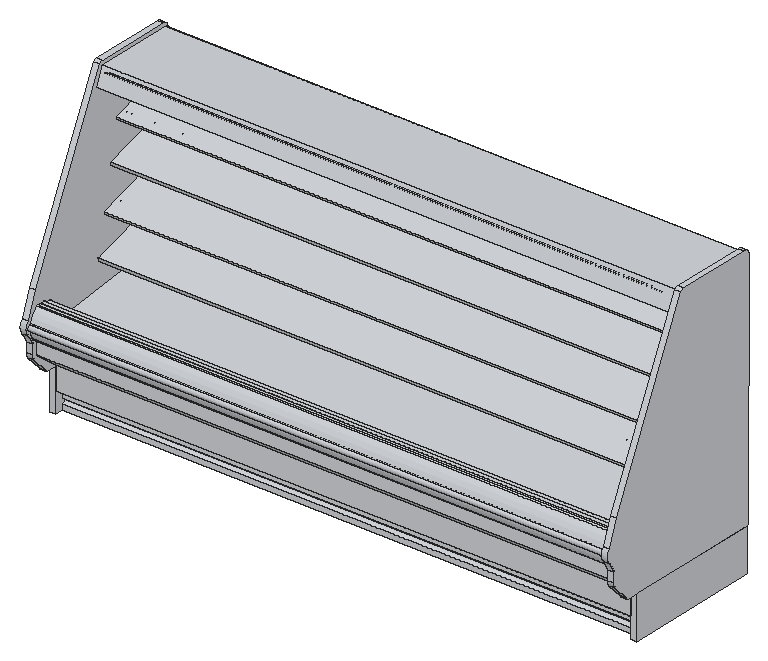
Revit family "O5UM-NRG", category Mechanical Equipment, Revit 2019
Family settings
  Round Connector Dimension = Use Radius
  Part Type = Normal
  OmniClass Number = 23.40.40.11.17
  OmniClass Title = Refrigerated Cases
  Work Plane-Based = Yes
  Always vertical = Yes
  Cut with Voids When Loaded = No
  Shared = No
  Room Calculation Point = No
Parameters (values of type "O5UM-NRG-12'")
  WIDTH = 43 1/4"  # constant formula
  WEIGHT = 0.00 lbf  # constant formula
  WATER LINE MOUNTING HEIGHT ABOVE FLOOR = 0"  # constant formula
  VOLTAGE = 120 V  # constant formula
  URL = "http://www.hillphoenix.com/?s=O5UM"
  Timed-Off Defrost Termination Temp = 42 °F
  Timed-Off Defrost Fail-Safe (Min) = "30"
  TIME OFF DEFROST = yes
  T8 LIGHTING BTU ADD PER ROW = 92
  T8 LIGHTING AMPS = T8 LIGHTING AMPS PER ROW * (SHELF LIGHT ROWS + CORNICE AND NOSE LIGHT ROWS)  # 2.1 A
  Superheat Set Point @ Bulb (°F) = "6-8"  # constant formula
  Standard Power Watts = 17.6 W
  Standard Power Amps = 0.15 A
  SHELF LIGHT ROWS = 3
  REVERSE AIR DEFROST = no
  REF PIPE LENGTH = 28 5/8"
  PARALLEL EVAPORATOR LOAD = (BTU PER FOOT PARALLEL * LENGTH FOR BTU) + BTU ADD FOR LIGHTS  # 15312
  Number of Fans = 3
  Lights Per Row = 3
  Light Length = "4'"
  LIGHTING WATTAGE = if(T8 LIGHT OR LED LIGHT, T8 LIGHTING WATTAGE, LED LIGHTING WATTAGE)  # 252 VA
  LIGHT AMPS = if(T8 LIGHT OR LED LIGHT, T8 LIGHTING AMPS, LED LIGHTING AMPS)  # 2.1 A
  TOTAL CASE WATTAGE = FAN WATTAGE + ANTI SWEAT HEATER WATTAGE + LIGHTING WATTAGE  # 294 W
  TOTAL CASE AMPS = ANTI SWEAT HEATER AMPS + FAN AMPS + LIGHT AMPS  # 2.7 A
  TOTAL APPARENT FAN-LIGHT AND A/S LOAD = TOTAL CASE WATTAGE / POWER FACTOR  # 294 VA
  TOEKICK INSET = 1 1/2"  # constant formula
  TOEKICK HEIGHT = 5 1/2"  # constant formula
  TOE KICK [instance] = none
  T8 LIGHTING WATTAGE = VOLTAGE * T8 LIGHTING AMPS  # 252 W
  T8 LIGHTING AMPS PER ROW = 0.7 A
  T8 LIGHT OR LED LIGHT = yes
  SUCTION LINE RADIUS = 7/16"  # constant formula
  SUCTION LINE DIAMETER = SUCTION LINE RADIUS * 2  # 7/8"
  SUCTION LINE CONNECTION = "SUCTION LINE CONNECTION"  # constant formula
  SIZE OF HOT WATER HOOK-UP = 0"  # constant formula
  SIZE OF COLD WATER HOOK UP = 0"  # constant formula
  SHELVE LENGTH = 48"
  SET BACK MODE FOR ENERGY CONSERVATION = "NO"  # constant formula
  RUBBER BUMPER [instance] = none
  RIGHT END [instance] = yes
  REFRIGERATION PIPING [instance] = none
  REF PLANE LEFT RIGHT = LENGTH / 2  # 72"
  REF PLANE FRONT BACK = WIDTH / 2  # 21 5/8"
  RECEPTICAL MOUNTING HEIGHT ABOVE FLOOR = 19 3/4"  # constant formula
  REAR REFRIGERATION [instance] = no
  PVC PIPE [instance] = none
  PRESSURE REGULATOR = 0.00 psi  # constant formula
  POWER FACTOR = 1  # constant formula
  PNET NUMBER = "NA"  # constant formula
  PHASE = 1  # constant formula
  PAINTED METAL UPPER SHELF [instance] = none
  PAINTED METAL INTERIOR [instance] = none
  PAINTED METAL EXTERIOR [instance] = none
  NUMBER OF WIRES = 3  # constant formula
  NEMA PLUG TYPE = "N/A"  # constant formula
  Model = "O5UM-NRG-12'"
  Manufacturer = "HILL PHOENIX"  # constant formula
  MASTER BUMPER [instance] = none
  LIQUID LINE RADIUS = 3/16"  # constant formula
  LIQUID LINE DIAMETER = LIQUID LINE RADIUS * 2  # 3/8"
  LIQUID LINE CONNECTION = "LIQUID LINE CONNECTION"  # constant formula
  LIGHTING NUMBER OF POLES = 1
  LIGHTING CONNECTION DESCRIPTION = "LIGHTING CONNECTOR"  # constant formula
  LIGHTING APPARENT LOAD = (VOLTAGE * LIGHT AMPS) / POWER FACTOR  # 252 VA
  LIGHT TYPE = if(T8 LIGHT OR LED LIGHT, "T8 FLUORESCENT", "CLEARVOYANT LED")  # "T8 FLUORESCENT"
  LENGTH FOR BTU = LENGTH / 12"  # 12
  LENGTH = 144"
  LEGEND NUMBER = Model  # "O5UM-NRG-12'"
  LEFT END [instance] = yes
  LED LIGHTING WATTAGE = VOLTAGE * LED LIGHTING AMPS  # 108 W
  LED LIGHTING BTU ADD PER ROW = 36
  LED LIGHTING AMPS PER ROW = 0.3 A
  LED LIGHTING AMPS = LED LIGHTING AMPS PER ROW * (SHELF LIGHT ROWS + CORNICE AND NOSE LIGHT ROWS)  # 0.9 A
  Keynote = "DAIRY/DELI/PRODUCE"  # constant formula
  ISOLATED GROUND REQUIRED = "NO"  # constant formula
  High Power (Cornice) Watts = 44.8 W
  High Power (Cornice) Amps = 0.37 A
  High Efficiency Watts = 42 W
  High Efficiency Amps = 0.6 A
  HOT GAS DEFROST = no
  HILL PHOENIX DRAWING NUMBER = "NA"  # constant formula
  HEIGHT = 66 1/8"  # constant formula
  GROUND FAULT PROTECTION = "NO"  # constant formula
  Front Sill Height = "All"
  FRONT PANEL [instance] = none
  FAN WATTAGE = 42 W
  FAN TYPE = "ECM"  # constant formula
  FAN QUANTITY = 3
  FAN NUMBER OF POLES = 1
  FAN CONNECTOR DESCRIPTION = "FAN AND ANTI SWEAT CONNECTOR"  # constant formula
  FAN APPARENT LOAD = (VOLTAGE * FAN AMPS) / POWER FACTOR  # 72 VA
  FAN AND ANTI SWEAT HEATER APPARENT LOAD = FAN APPARENT LOAD + ANTI SWEAT APPARENT LOAD  # 72 VA
  FAN AMPS = 0.6 A
  Evaporator (°F) = 28 °F
  EVAPORATOR TEMPERATURE = 28 °F  # constant formula
  ENGINEERING CONTACT = ""  # constant formula
  END PANEL [instance] = none
  ELECTRICAL DEFROST VOLTAGE = if(ELECTRIC DEFROST, 208 V, 0 V)  # 0 V
  ELECTRIC DEFROST = no
  Discharge Air Velocity (FPM) = 180 FPM  # constant formula
  Discharge Air (°F) = 31 °F
  Description = "MULTI DECK MERCHANDISER"  # constant formula
  Defrosts Per Day = 6
  Default Elevation = 48"
  DRIP PAN PLUMB TYPE = "HARD"  # constant formula
  DRAIN PIPE TYPE = "PVC"  # constant formula
  DRAIN PIPE LENGTH = 0"
  DRAIN LINE RADIUS = DRAIN LINE DIAMETER / 2  # 3/4"
  DRAIN LINE DIAMETER = 1 1/2"  # constant formula
  DRAIN LINE CONNECTION = "Drain Connection"  # constant formula
  DRAIN [instance] = yes
  DISCLAIMER [instance] = yes
  DISCHARGE AIR TEMPERATURE = 31 °F  # constant formula
  DIEBOARD HEIGHT = 0"  # constant formula
  DESIGNERS NAME = "PRAVEEN.J"  # constant formula
  DEFROST WATTAGE = ELECTRICAL DEFROST VOLTAGE * DEFROST AMPS  # 0 W
  DEFROST TIME AND DURATION = if(TIME OFF DEFROST, "2 @ 60 MIN", if(HOT GAS DEFROST, "2 @ 26 MIN.", "2 @ 40 MIN."))  # "2 @ 60 MIN"
  DEFROST PHASE = 1
  DEFROST AMPS = 0 A  # constant formula
  DEDICATED CIRCUIT = "YES"  # constant formula
  DATE = "08/01/12"  # constant formula
  CORNICE AND NOSE LIGHT ROWS = 0  # constant formula
  CONVENTIONAL EVAPORATOR LOAD = (BTU PER FOOT CONVENTIONAL * LENGTH FOR BTU) + BTU ADD FOR LIGHTS  # 16404
  CONTROL TYPE = "T-STAT"  # constant formula
  COIL REFRIGERATION CHARGE = 0.00 lbf
  CERTIFICATIONS = "NSF 7, UL471, CSA"  # constant formula
  BTUH Parallel = 1000
  BTUH Conventional = 1143
  BTU PER FOOT PARALLEL = 1000  # constant formula
  BTU PER FOOT CONVENTIONAL = 1091  # constant formula
  BTU ADD PER SHELF PER FOOT = if(T8 LIGHT OR LED LIGHT, T8 LIGHTING BTU ADD PER ROW, LED LIGHTING BTU ADD PER ROW)  # 92
  BTU ADD FOR LIGHTS = BTU ADD PER SHELF PER FOOT * SHELF LIGHT ROWS * LENGTH FOR BTU  # 3312
  BOTTOM REFRIGERATION [instance] = yes
  BOTTOM ELECTRICAL [instance] = yes
  BASE HEIGHT = 5 1/8"  # constant formula
  BASE [instance] = none
  Assembly Code = ""
  Application Discipline = "Dairy/Deli/Produce"
  ANTI SWEAT HEATER WATTAGE = ANTI SWEAT HEATER AMPS * VOLTAGE  # 0 W
  ANTI SWEAT HEATER AMPS = 0 A  # constant formula
  ANTI SWEAT APPARENT LOAD = (ANTI SWEAT HEATER AMPS * VOLTAGE) * POWER FACTOR  # 0 VA
  SHELVE 2 = yes
  SHELVE 1 = yes
  SHELVE 3 = yes
  5" BF = yes
  11" BF = yes
Reference planes (in)
  plane 1: z = 0.01963
  plane 2 "LEFT": x = 0
  plane 3 "CASE RIGHT": x = 144
  plane 4 "CASE BACK": y = -13.74044
  plane 5 "CENTER(LEFT/RIGHT)": x = 72
  plane 6 "CENTER(FRONT/BACK)": y = -35.36544
  plane 7 "FRONT": y = -56.99044
  plane 8: x = 135.3125
  plane 9: x = 135.8125
  plane 10: x = 134.8125
  plane 11: x = 140
  plane 12: x = 139.5
  plane 13: x = 140.5
  plane 14 "Ref Plum": y = -42.36544
  plane 15: x = 72
  plane 16: y = -42.36544
  plane 17: z = 5.125
  plane 18: z = 14.5
  plane 19: z = 66.125
  plane 20: z = 16.47066
  plane 21: z = 17.00047
Forms (in)
  Extrusion 1, solid, material <- "PAINTED METAL EXTERIOR"
    sketch origin (0, -0.05001, 0) x (0, 1, 0) y (0, 0, 1)
      loop
        line (-13.71443, 5.12547) -> (-13.71443, 65.10131) -> (-15.68913, 65.10131) -> (-15.68913, 14.32998)
        arc (-15.68913, 14.32998) -> (-17.39121, 10.16243) -> (-21.50473, 8.33363) r 6.03269
        line (-21.50473, 8.33363) -> (-38.98866, 7.70433) -> (-40.66357, 6.48762) -> (-40.74048, 6.48493) -> (-41.25938, 6.18535) -> (-43.63438, 6.18535) -> (-43.95863, 6.37255) -> (-44.04264, 6.36962) -> (-45.99545, 7.45213)
        arc (-45.99545, 7.45213) -> (-50.3728, 9.13243) -> (-52.20485, 13.44847) r 6
        line (-52.20485, 13.44847) -> (-52.20485, 15.40372) -> (-54.15385, 15.40372) -> (-54.15385, 10.0112) -> (-48.10243, 5.12547) -> (-13.71443, 5.12547)
    from 0 to 144
  Extrusion 2, solid, material <- "PAINTED METAL INTERIOR"
    sketch origin (0, 0, 0) x (0, 1, 0) y (0, 0, 1)
      loop
        line (-15.73914, 63.30502) -> (-17.80758, 63.30502) -> (-17.80758, 18.52536)
        arc (-17.80758, 18.52536) -> (-17.9419, 18.18436) -> (-18.2727, 18.02658) r 0.5
        line (-18.2727, 18.02658) -> (-21.51575, 17.7998) -> (-21.5349, 18.0736) -> (-48.3432, 14.86194) -> (-50.06733, 14.86194) -> (-50.06733, 20.25346)
        arc (-50.06733, 20.25346) -> (-50.15872, 20.47407) -> (-50.37933, 20.56546) r 0.312
        line (-50.37933, 20.56546) -> (-52.08579, 20.56546) -> (-52.08579, 21.00047)
        arc (-52.08579, 21.00047) -> (-52.1224, 21.08886) -> (-52.21079, 21.12547) r 0.125
        line (-52.21079, 21.12547) -> (-53.04579, 21.12547) -> (-53.04579, 15.40372) -> (-52.25486, 15.40372) -> (-52.25486, 13.44847)
        arc (-52.25486, 13.44847) -> (-50.4228, 9.13243) -> (-46.04546, 7.45213) r 6
        line (-46.04546, 7.45213) -> (-44.09265, 6.36962) -> (-44.00864, 6.37255) -> (-43.68439, 6.18535) -> (-41.30939, 6.18535) -> (-40.79049, 6.48493) -> (-40.71358, 6.48762) -> (-39.03866, 7.70433) -> (-21.55474, 8.33363)
        arc (-21.55474, 8.33363) -> (-17.44122, 10.16243) -> (-15.73914, 14.32998) r 6.03269
        line (-15.73914, 14.32998) -> (-15.73914, 63.30502)
    from 0 to 144
  Extrusion 3, solid, material <- "MASTER BUMPER"
    sketch origin (0, 0, 0.0625) x (0, 1, 0) y (0, 0, 1)
      loop
        line (-54.20386, 13.74321) -> (-54.20386, 15.34122) -> (-53.04579, 15.34122) -> (-53.04579, 21.06297) -> (-53.88079, 21.06297)
        arc (-53.88079, 21.06297) -> (-54.10885, 21.01988) -> (-54.30546, 20.89654) r 0.625
        arc (-54.30546, 20.89654) -> (-55.51823, 19.4172) -> (-56.28525, 17.66479) r 7
        arc (-56.28525, 17.66479) -> (-55.64386, 16.9661) -> (-56.31912, 16.30008) r 0.68301
        arc (-56.31912, 16.30008) -> (-55.90211, 14.98116) -> (-55.13953, 13.82708) r 4.99748
        arc (-55.13953, 13.82708) -> (-55.05566, 13.76514) -> (-54.95373, 13.74321) r 0.24774
        line (-54.95373, 13.74321) -> (-54.20386, 13.74321)
    from 0 to 144
  Extrusion 4, solid, material <- "RUBBER BUMPER"
    sketch origin (0, 0, 0.0625) x (0, 1, 0) y (0, 0, 1)
      loop
        arc (-56.3163, 17.66652) -> (-56.97653, 16.9842) -> (-56.3163, 16.30187) r 0.68269
        arc (-56.3163, 16.30187) -> (-55.65607, 16.9842) -> (-56.3163, 17.66652) r 0.68269
    from 0 to 144
  Extrusion 5, solid, material <- "PAINTED METAL EXTERIOR"
    sketch origin (0, 0, -2.625) x (0, 1, 0) y (0, 0, 1)
      loop
        line (-17.80758, 65.59566) -> (-17.80758, 65.93002) -> (-15.73914, 65.93002) -> (-15.73914, 67.72631) -> (-13.74044, 67.72631) -> (-13.74044, 68.719)
        arc (-13.74044, 68.719) -> (-13.74952, 68.74092) -> (-13.77144, 68.75) r 0.031
        line (-13.77144, 68.75) -> (-33.74213, 68.75) -> (-35.51207, 64.43922) -> (-35.16169, 64.19388) -> (-33.62994, 67.85752) -> (-29.03568, 66.31538) -> (-29.00611, 66.37879) -> (-29.08119, 66.41041) -> (-28.69306, 67.33201) -> (-25.00664, 65.77951) -> (-25.39476, 64.85791) -> (-25.59191, 64.94093) -> (-25.613, 64.88551) -> (-25.24943, 64.73239) -> (-24.89647, 65.59566) -> (-17.80758, 65.59566)
    from 0 to 144
  Extrusion 6, void
    sketch origin (-240, -13.74044, 81.67207) x (0, 0, -1) y (-1, 0, 0)
      loop
        circle (67.17207, -380) r 1.25
    from 0 to -5
  Extrusion 7, solid, material <- "REFRIGERATION PIPING", visible <- "REAR REFRIGERATION"
    sketch origin (-240, -13.74044, 81.67207) x (0, 0, 1) y (-1, 0, 0)
      loop
        circle (-67.17207, -380.5) r 0.4375
      loop
        circle (-67.17207, -379.5) r 0.1875
    from 0 to 5
  Sweep 8, solid, material <- "END PANEL", visible <- "RIGHT END"
    path origin (0, 0, 0) x (1, 0, 0) y (0, 1, 0)
      loop
        line (144, -1.57819) -> (145.5, -1.57819)
    profile origin (144.75, -1.57819, 0) x (0, 1, 0) y (0, 0, 1)
      loop
        line (-11.58377, 5.83765) -> (-11.58377, 65.86872)
        arc (-11.58377, 65.86872) -> (-11.87666, 66.57583) -> (-12.58377, 66.86872) r 1
        line (-12.58377, 66.86872) -> (-31.76114, 66.86872)
        arc (-31.76114, 66.86872) -> (-32.24081, 66.73022) -> (-32.57283, 66.35736) r 0.89989
        line (-32.57283, 66.35736) -> (-52.59186, 24.53483) -> (-55.03408, 18.64618)
        arc (-55.03408, 18.64618) -> (-55.70439, 16.98007) -> (-55.08475, 15.29445) r 2.5
        arc (-55.08475, 15.29445) -> (-54.29981, 14.15759) -> (-53.79571, 12.87133) r 6
        line (-53.79571, 12.87133) -> (-53.79571, 10.45326)
        arc (-53.79571, 10.45326) -> (-53.66223, 9.73486) -> (-53.27961, 9.11235) r 2
        line (-53.27961, 9.11235) -> (-49.71463, 5.1672)
        arc (-49.71463, 5.1672) -> (-49.3786, 4.92375) -> (-48.97268, 4.83765) r 1
        line (-48.97268, 4.83765) -> (-12.58377, 4.83765)
        arc (-12.58377, 4.83765) -> (-11.87666, 5.13055) -> (-11.58377, 5.83765) r 1
  Sweep 9, solid, material <- "END PANEL", visible <- "LEFT END"
    path origin (144, 0, 0) x (-1, 0, 0) y (0, 1, 0)
      loop
        line (144, -1.57819) -> (145.5, -1.57819)
    profile origin (-0.75, -1.57819, 0) x (0, -1, 0) y (0, 0, 1)
      loop
        arc (11.58377, 5.83765) -> (11.87666, 5.13055) -> (12.58377, 4.83765) r 1
        line (12.58377, 4.83765) -> (48.97268, 4.83765)
        arc (48.97268, 4.83765) -> (49.3786, 4.92375) -> (49.71463, 5.1672) r 1
        line (49.71463, 5.1672) -> (53.27961, 9.11235)
        arc (53.27961, 9.11235) -> (53.66223, 9.73486) -> (53.79571, 10.45326) r 2
        line (53.79571, 10.45326) -> (53.79571, 12.87133)
        arc (53.79571, 12.87133) -> (54.29981, 14.15759) -> (55.08475, 15.29445) r 6
        arc (55.08475, 15.29445) -> (55.70439, 16.98007) -> (55.03408, 18.64618) r 2.5
        line (55.03408, 18.64618) -> (52.59186, 24.53483) -> (32.57283, 66.35736)
        arc (32.57283, 66.35736) -> (32.24081, 66.73022) -> (31.76114, 66.86872) r 0.89989
        line (31.76114, 66.86872) -> (12.58377, 66.86872)
        arc (12.58377, 66.86872) -> (11.87666, 66.57583) -> (11.58377, 65.86872) r 1
        line (11.58377, 65.86872) -> (11.58377, 5.83765)
  Extrusion 10, solid, material <- "PAINTED METAL INTERIOR"
    sketch origin (0, 0, -5.85353) x (0, 1, 0) y (0, 0, 1)
      loop
        line (-25.39476, 68.04541) -> (-25.00664, 68.96701) -> (-28.69306, 70.51951) -> (-29.08119, 69.59791) -> (-25.39476, 68.04541)
    from 0 to 144
  Extrusion 11, solid
    sketch origin (0, 0, 0) x (0, 1, 0) y (0, 0, 1)
      loop
        line (-17.80758, 56.05425) -> (-29.28324, 52.54579) -> (-29.11951, 52.01026) -> (-26.89603, 52.69005) -> (-26.80038, 52.57765) -> (-21.37644, 53.26032)
        arc (-21.37644, 53.26032) -> (-20.68454, 53.28324) -> (-20.01289, 53.11553) r 2.5
        line (-20.01289, 53.11553) -> (-19.17448, 52.77715)
        arc (-19.17448, 52.77715) -> (-18.83516, 52.70509) -> (-18.49164, 52.75328) r 1
        line (-18.49164, 52.75328) -> (-17.80758, 52.97521) -> (-17.80758, 56.05425)
      loop
        line (-17.80758, 47.1678) -> (-31.19585, 43.0746) -> (-31.03212, 42.53907) -> (-28.86251, 43.20239) -> (-28.76685, 43.08999) -> (-21.37644, 44.37388)
        arc (-21.37644, 44.37388) -> (-20.68454, 44.39679) -> (-20.01289, 44.22908) r 2.5
        line (-20.01289, 44.22908) -> (-19.17448, 43.89071)
        arc (-19.17448, 43.89071) -> (-18.83516, 43.81864) -> (-18.49164, 43.86683) r 1
        line (-18.49164, 43.86683) -> (-17.80758, 44.08876) -> (-17.80758, 47.1678)
      loop
        line (-17.80758, 37.58475) -> (-33.10846, 32.90681) -> (-32.94473, 32.37127) -> (-28.86251, 33.61934) -> (-28.76685, 33.50694) -> (-21.37644, 34.79083)
        arc (-21.37644, 34.79083) -> (-20.68454, 34.81374) -> (-20.01289, 34.64603) r 2.5
        line (-20.01289, 34.64603) -> (-19.17448, 34.30766)
        arc (-19.17448, 34.30766) -> (-18.83516, 34.23559) -> (-18.49164, 34.28378) r 1
        line (-18.49164, 34.28378) -> (-17.80758, 34.50571) -> (-17.80758, 37.58475)
      loop
        line (-18.49164, 25.17712) -> (-17.80758, 25.39904) -> (-17.80758, 28.47809) -> (-35.02107, 23.2154) -> (-34.85734, 22.67987) -> (-28.86251, 24.51267) -> (-28.76685, 24.40027) -> (-21.37644, 25.68416)
        arc (-21.37644, 25.68416) -> (-20.68454, 25.70708) -> (-20.01289, 25.53937) r 2.5
        line (-20.01289, 25.53937) -> (-19.17448, 25.20099)
        arc (-19.17448, 25.20099) -> (-18.83516, 25.12893) -> (-18.49164, 25.17712) r 1
    from 0 to 144
  Extrusion 12, solid, material <- "BASE", visible <- "11" BF"
    sketch origin (0, 0, -5.87453) x (0, 1, 0) y (0, 0, 1)
      loop
        line (-13.74044, 0) -> (-13.74044, 11) -> (-44.99044, 11) -> (-44.99044, 0) -> (-43.61333, 0) -> (-43.61333, 1.81425) -> (-15.49656, 1.81425) -> (-15.49656, 0) -> (-13.74044, 0)
    from 0 to 48
  Extrusion 13, solid, material <- "TOE KICK", visible <- "11" BF"
    sketch origin (0, 4.05131, 0) x (0, 1, 0) y (0, 0, 1)
      loop
        line (-49.04175, 5.12547) -> (-52.20375, 5.12547) -> (-52.20375, -0.71055) -> (-50.2279, -0.71055) -> (-50.13398, -0.71055) -> (-49.25403, -0.53205) -> (-49.52561, -1.4011)
        arc (-49.52561, -1.4011) -> (-49.79035, -1.83842) -> (-50.2279, -2.10278) r 1.06887
        line (-50.2279, -2.10278) -> (-50.2279, -3.09321) -> (-50.0724, -3.09321) -> (-49.24284, -2.93481) -> (-49.51495, -3.79569)
        arc (-49.51495, -3.79569) -> (-49.79682, -4.25514) -> (-50.26129, -4.52868) r 1.11497
        line (-50.26129, -4.52868) -> (-50.26129, -5.87453) -> (-49.04175, -5.87453) -> (-49.04175, 5.12547)
    from 0 to 144 <- "LENGTH"
  Sweep 14, solid, material <- "END PANEL", visible <- "11" BF"
    path origin (0, 0, 0) x (1, 0, 0) y (0, 1, 0)
      loop
        line (0, -17.23914) -> (-1.5, -17.23914)
    profile origin (-0.75, -17.23914, 0) x (0, -1, 0) y (0, 0, 1)
      loop
        line (-3.4987, -5.87453) -> (30.9133, -5.87453) -> (30.9133, 4.81297) -> (-3.4987, 4.81297) -> (-3.4987, -5.87453)
  Sweep 15, solid, material <- "END PANEL", visible <- "11" BF"
    path origin (144, 0, 0) x (-1, 0, 0) y (0, 1, 0)
      loop
        line (0, -17.23914) -> (-1.5, -17.23914)
    profile origin (144.75, -17.23914, 0) x (0, 1, 0) y (0, 0, 1)
      loop
        line (3.4987, -5.87453) -> (3.4987, 4.81297) -> (-30.9133, 4.81297) -> (-30.9133, -5.87453) -> (3.4987, -5.87453)
  Extrusion 16, solid
    sketch origin (0, 0, 0) x (0, 1, 0) y (0, 0, 1)
      loop
        circle (-30.8381, 63.41957) r 0.5
      loop
        circle (-32.51616, 64.19405) r 0.5
    from 0 to 144 <- "LENGTH"
  Extrusion 17, solid, material <- "PAINTED METAL EXTERIOR", not visible
    sketch origin (0, -0.05001, 0) x (0, 1, 0) y (0, 0, 1)
      loop
        line (-13.71443, 5.12547) -> (-13.71443, 65.10131) -> (-15.68913, 65.10131) -> (-15.68913, 14.32998)
        arc (-15.68913, 14.32998) -> (-17.39121, 10.16243) -> (-21.50473, 8.33363) r 6.03269
        line (-21.50473, 8.33363) -> (-38.98866, 7.70433) -> (-40.66357, 6.48762) -> (-40.74048, 6.48493) -> (-41.25938, 6.18535) -> (-43.63438, 6.18535) -> (-43.95863, 6.37255) -> (-44.04264, 6.36962) -> (-45.99545, 7.45213)
        arc (-45.99545, 7.45213) -> (-50.3728, 9.13243) -> (-52.20485, 13.44847) r 6
        line (-52.20485, 13.44847) -> (-52.20485, 15.40372) -> (-54.15385, 15.40372) -> (-54.15385, 10.0112) -> (-48.10243, 5.12547) -> (-13.71443, 5.12547)
    from 0 to 120
  Extrusion 18, solid, material <- "PAINTED METAL INTERIOR", not visible
    sketch origin (0, 0, 0) x (0, 1, 0) y (0, 0, 1)
      loop
        line (-15.73914, 63.30502) -> (-17.80758, 63.30502) -> (-17.80758, 18.52536)
        arc (-17.80758, 18.52536) -> (-17.9419, 18.18436) -> (-18.2727, 18.02658) r 0.5
        line (-18.2727, 18.02658) -> (-21.51575, 17.7998) -> (-21.5349, 18.0736) -> (-48.3432, 14.86194) -> (-50.06733, 14.86194) -> (-50.06733, 20.25346)
        arc (-50.06733, 20.25346) -> (-50.15872, 20.47407) -> (-50.37933, 20.56546) r 0.312
        line (-50.37933, 20.56546) -> (-52.08579, 20.56546) -> (-52.08579, 21.00047)
        arc (-52.08579, 21.00047) -> (-52.1224, 21.08886) -> (-52.21079, 21.12547) r 0.125
        line (-52.21079, 21.12547) -> (-53.04579, 21.12547) -> (-53.04579, 15.40372) -> (-52.25486, 15.40372) -> (-52.25486, 13.44847)
        arc (-52.25486, 13.44847) -> (-50.4228, 9.13243) -> (-46.04546, 7.45213) r 6
        line (-46.04546, 7.45213) -> (-44.09265, 6.36962) -> (-44.00864, 6.37255) -> (-43.68439, 6.18535) -> (-41.30939, 6.18535) -> (-40.79049, 6.48493) -> (-40.71358, 6.48762) -> (-39.03866, 7.70433) -> (-21.55474, 8.33363)
        arc (-21.55474, 8.33363) -> (-17.44122, 10.16243) -> (-15.73914, 14.32998) r 6.03269
        line (-15.73914, 14.32998) -> (-15.73914, 63.30502)
    from 0 to 120
  Extrusion 19, solid, material <- "MASTER BUMPER", not visible
    sketch origin (0, 0, 0.0625) x (0, 1, 0) y (0, 0, 1)
      loop
        line (-54.20386, 13.74321) -> (-54.20386, 15.34122) -> (-53.04579, 15.34122) -> (-53.04579, 21.06297) -> (-53.88079, 21.06297)
        arc (-53.88079, 21.06297) -> (-54.10885, 21.01988) -> (-54.30546, 20.89654) r 0.625
        arc (-54.30546, 20.89654) -> (-55.51823, 19.4172) -> (-56.28525, 17.66479) r 7
        arc (-56.28525, 17.66479) -> (-55.64386, 16.9661) -> (-56.31912, 16.30008) r 0.68301
        arc (-56.31912, 16.30008) -> (-55.90211, 14.98116) -> (-55.13953, 13.82708) r 4.99748
        arc (-55.13953, 13.82708) -> (-55.05566, 13.76514) -> (-54.95373, 13.74321) r 0.24774
        line (-54.95373, 13.74321) -> (-54.20386, 13.74321)
    from 0 to 120
  Extrusion 20, solid, material <- "RUBBER BUMPER", not visible
    sketch origin (0, 0, 0.0625) x (0, 1, 0) y (0, 0, 1)
      loop
        arc (-56.3163, 17.66652) -> (-56.97653, 16.9842) -> (-56.3163, 16.30187) r 0.68269
        arc (-56.3163, 16.30187) -> (-55.65607, 16.9842) -> (-56.3163, 17.66652) r 0.68269
    from 0 to 120
  Extrusion 21, solid, material <- "PAINTED METAL EXTERIOR", not visible
    sketch origin (0, 0, -2.625) x (0, 1, 0) y (0, 0, 1)
      loop
        line (-17.80758, 65.59566) -> (-17.80758, 65.93002) -> (-15.73914, 65.93002) -> (-15.73914, 67.72631) -> (-13.74044, 67.72631) -> (-13.74044, 68.719)
        arc (-13.74044, 68.719) -> (-13.74952, 68.74092) -> (-13.77144, 68.75) r 0.031
        line (-13.77144, 68.75) -> (-33.74213, 68.75) -> (-35.51207, 64.43922) -> (-35.16169, 64.19388) -> (-33.62994, 67.85752) -> (-29.03568, 66.31538) -> (-29.00611, 66.37879) -> (-29.08119, 66.41041) -> (-28.69306, 67.33201) -> (-25.00664, 65.77951) -> (-25.39476, 64.85791) -> (-25.59191, 64.94093) -> (-25.613, 64.88551) -> (-25.24943, 64.73239) -> (-24.89647, 65.59566) -> (-17.80758, 65.59566)
    from 0 to 120
  Extrusion 22, void, not visible
    sketch origin (-240, -13.74044, 81.67207) x (0, 0, -1) y (-1, 0, 0)
      loop
        circle (67.17207, -356) r 1.25
    from 0 to -5
  Extrusion 23, solid, material <- "REFRIGERATION PIPING", visible <- "REAR REFRIGERATION", not visible
    sketch origin (-240, -13.74044, 81.67207) x (0, 0, 1) y (-1, 0, 0)
      loop
        circle (-67.17207, -356.5) r 0.4375
      loop
        circle (-67.17207, -355.5) r 0.1875
    from 0 to 5
  Sweep 24, solid, material <- "END PANEL", visible <- "RIGHT END", not visible
    path origin (0, 0, 0) x (1, 0, 0) y (0, 1, 0)
      loop
        line (120, -1.57819) -> (121.5, -1.57819)
    profile origin (120.75, -1.57819, 0) x (0, 1, 0) y (0, 0, 1)
      loop
        line (-11.58377, 5.83765) -> (-11.58377, 65.86872)
        arc (-11.58377, 65.86872) -> (-11.87666, 66.57583) -> (-12.58377, 66.86872) r 1
        line (-12.58377, 66.86872) -> (-31.76114, 66.86872)
        arc (-31.76114, 66.86872) -> (-32.24081, 66.73022) -> (-32.57283, 66.35736) r 0.89989
        line (-32.57283, 66.35736) -> (-52.59186, 24.53483) -> (-55.03408, 18.64618)
        arc (-55.03408, 18.64618) -> (-55.70439, 16.98007) -> (-55.08475, 15.29445) r 2.5
        arc (-55.08475, 15.29445) -> (-54.29981, 14.15759) -> (-53.79571, 12.87133) r 6
        line (-53.79571, 12.87133) -> (-53.79571, 10.45326)
        arc (-53.79571, 10.45326) -> (-53.66223, 9.73486) -> (-53.27961, 9.11235) r 2
        line (-53.27961, 9.11235) -> (-49.71463, 5.1672)
        arc (-49.71463, 5.1672) -> (-49.3786, 4.92375) -> (-48.97268, 4.83765) r 1
        line (-48.97268, 4.83765) -> (-12.58377, 4.83765)
        arc (-12.58377, 4.83765) -> (-11.87666, 5.13055) -> (-11.58377, 5.83765) r 1
  Sweep 25, solid, material <- "END PANEL", visible <- "LEFT END", not visible
    path origin (144, 0, 0) x (-1, 0, 0) y (0, 1, 0)
      loop
        line (144, -1.57819) -> (145.5, -1.57819)
    profile origin (-0.75, -1.57819, 0) x (0, -1, 0) y (0, 0, 1)
      loop
        arc (11.58377, 5.83765) -> (11.87666, 5.13055) -> (12.58377, 4.83765) r 1
        line (12.58377, 4.83765) -> (48.97268, 4.83765)
        arc (48.97268, 4.83765) -> (49.3786, 4.92375) -> (49.71463, 5.1672) r 1
        line (49.71463, 5.1672) -> (53.27961, 9.11235)
        arc (53.27961, 9.11235) -> (53.66223, 9.73486) -> (53.79571, 10.45326) r 2
        line (53.79571, 10.45326) -> (53.79571, 12.87133)
        arc (53.79571, 12.87133) -> (54.29981, 14.15759) -> (55.08475, 15.29445) r 6
        arc (55.08475, 15.29445) -> (55.70439, 16.98007) -> (55.03408, 18.64618) r 2.5
        line (55.03408, 18.64618) -> (52.59186, 24.53483) -> (32.57283, 66.35736)
        arc (32.57283, 66.35736) -> (32.24081, 66.73022) -> (31.76114, 66.86872) r 0.89989
        line (31.76114, 66.86872) -> (12.58377, 66.86872)
        arc (12.58377, 66.86872) -> (11.87666, 66.57583) -> (11.58377, 65.86872) r 1
        line (11.58377, 65.86872) -> (11.58377, 5.83765)
  Extrusion 26, solid, material <- "PAINTED METAL INTERIOR", not visible
    sketch origin (0, 0, -5.85353) x (0, 1, 0) y (0, 0, 1)
      loop
        line (-25.39476, 68.04541) -> (-25.00664, 68.96701) -> (-28.69306, 70.51951) -> (-29.08119, 69.59791) -> (-25.39476, 68.04541)
    from 0 to 120
  Extrusion 27, solid, not visible
    sketch origin (0, 0, 0) x (0, 1, 0) y (0, 0, 1)
      loop
        line (-17.80758, 56.05425) -> (-29.28324, 52.54579) -> (-29.11951, 52.01026) -> (-26.89603, 52.69005) -> (-26.80038, 52.57765) -> (-21.37644, 53.26032)
        arc (-21.37644, 53.26032) -> (-20.68454, 53.28324) -> (-20.01289, 53.11553) r 2.5
        line (-20.01289, 53.11553) -> (-19.17448, 52.77715)
        arc (-19.17448, 52.77715) -> (-18.83516, 52.70509) -> (-18.49164, 52.75328) r 1
        line (-18.49164, 52.75328) -> (-17.80758, 52.97521) -> (-17.80758, 56.05425)
      loop
        line (-17.80758, 47.1678) -> (-31.19585, 43.0746) -> (-31.03212, 42.53907) -> (-28.86251, 43.20239) -> (-28.76685, 43.08999) -> (-21.37644, 44.37388)
        arc (-21.37644, 44.37388) -> (-20.68454, 44.39679) -> (-20.01289, 44.22908) r 2.5
        line (-20.01289, 44.22908) -> (-19.17448, 43.89071)
        arc (-19.17448, 43.89071) -> (-18.83516, 43.81864) -> (-18.49164, 43.86683) r 1
        line (-18.49164, 43.86683) -> (-17.80758, 44.08876) -> (-17.80758, 47.1678)
      loop
        line (-17.80758, 37.58475) -> (-33.10846, 32.90681) -> (-32.94473, 32.37127) -> (-28.86251, 33.61934) -> (-28.76685, 33.50694) -> (-21.37644, 34.79083)
        arc (-21.37644, 34.79083) -> (-20.68454, 34.81374) -> (-20.01289, 34.64603) r 2.5
        line (-20.01289, 34.64603) -> (-19.17448, 34.30766)
        arc (-19.17448, 34.30766) -> (-18.83516, 34.23559) -> (-18.49164, 34.28378) r 1
        line (-18.49164, 34.28378) -> (-17.80758, 34.50571) -> (-17.80758, 37.58475)
      loop
        line (-18.49164, 25.17712) -> (-17.80758, 25.39904) -> (-17.80758, 28.47809) -> (-35.02107, 23.2154) -> (-34.85734, 22.67987) -> (-28.86251, 24.51267) -> (-28.76685, 24.40027) -> (-21.37644, 25.68416)
        arc (-21.37644, 25.68416) -> (-20.68454, 25.70708) -> (-20.01289, 25.53937) r 2.5
        line (-20.01289, 25.53937) -> (-19.17448, 25.20099)
        arc (-19.17448, 25.20099) -> (-18.83516, 25.12893) -> (-18.49164, 25.17712) r 1
    from 0 to 120
  Extrusion 28, solid, material <- "BASE", visible <- "11" BF", not visible
    sketch origin (0, 0, -5.87453) x (0, 1, 0) y (0, 0, 1)
      loop
        line (-13.74044, 0) -> (-13.74044, 11) -> (-44.99044, 11) -> (-44.99044, 0) -> (-43.61333, 0) -> (-43.61333, 1.81425) -> (-15.49656, 1.81425) -> (-15.49656, 0) -> (-13.74044, 0)
    from 0 to 48
  Extrusion 29, solid, material <- "TOE KICK", visible <- "11" BF", not visible
    sketch origin (0, 4.05131, 0) x (0, 1, 0) y (0, 0, 1)
      loop
        line (-49.04175, 5.12547) -> (-52.20375, 5.12547) -> (-52.20375, -0.71055) -> (-50.2279, -0.71055) -> (-50.13398, -0.71055) -> (-49.25403, -0.53205) -> (-49.52561, -1.4011)
        arc (-49.52561, -1.4011) -> (-49.79035, -1.83842) -> (-50.2279, -2.10278) r 1.06887
        line (-50.2279, -2.10278) -> (-50.2279, -3.09321) -> (-50.0724, -3.09321) -> (-49.24284, -2.93481) -> (-49.51495, -3.79569)
        arc (-49.51495, -3.79569) -> (-49.79682, -4.25514) -> (-50.26129, -4.52868) r 1.11497
        line (-50.26129, -4.52868) -> (-50.26129, -5.87453) -> (-49.04175, -5.87453) -> (-49.04175, 5.12547)
    from 0 to 144 <- "LENGTH"
  Sweep 30, solid, material <- "END PANEL", visible <- "11" BF", not visible
    path origin (0, 0, 0) x (1, 0, 0) y (0, 1, 0)
      loop
        line (0, -17.23914) -> (-1.5, -17.23914)
    profile origin (-0.75, -17.23914, 0) x (0, -1, 0) y (0, 0, 1)
      loop
        line (-3.4987, -5.87453) -> (30.9133, -5.87453) -> (30.9133, 4.81297) -> (-3.4987, 4.81297) -> (-3.4987, -5.87453)
  Sweep 31, solid, material <- "END PANEL", visible <- "11" BF", not visible
    path origin (144, 0, 0) x (-1, 0, 0) y (0, 1, 0)
      loop
        line (24, -17.23914) -> (22.5, -17.23914)
    profile origin (120.75, -17.23914, 0) x (0, 1, 0) y (0, 0, 1)
      loop
        line (3.4987, -5.87453) -> (3.4987, 4.81297) -> (-30.9133, 4.81297) -> (-30.9133, -5.87453) -> (3.4987, -5.87453)
  Extrusion 32, solid, not visible
    sketch origin (0, 0, 0) x (0, 1, 0) y (0, 0, 1)
      loop
        circle (-30.8381, 63.41957) r 0.5
      loop
        circle (-32.51616, 64.19405) r 0.5
    from 0 to 144 <- "LENGTH"
  Extrusion 33, solid, material <- "PAINTED METAL EXTERIOR", not visible
    sketch origin (0, -0.05001, 0) x (0, 1, 0) y (0, 0, 1)
      loop
        line (-13.71443, 5.12547) -> (-13.71443, 65.10131) -> (-15.68913, 65.10131) -> (-15.68913, 14.32998)
        arc (-15.68913, 14.32998) -> (-17.39121, 10.16243) -> (-21.50473, 8.33363) r 6.03269
        line (-21.50473, 8.33363) -> (-38.98866, 7.70433) -> (-40.66357, 6.48762) -> (-40.74048, 6.48493) -> (-41.25938, 6.18535) -> (-43.63438, 6.18535) -> (-43.95863, 6.37255) -> (-44.04264, 6.36962) -> (-45.99545, 7.45213)
        arc (-45.99545, 7.45213) -> (-50.3728, 9.13243) -> (-52.20485, 13.44847) r 6
        line (-52.20485, 13.44847) -> (-52.20485, 15.40372) -> (-54.15385, 15.40372) -> (-54.15385, 10.0112) -> (-48.10243, 5.12547) -> (-13.71443, 5.12547)
    from 0 to 144
  Extrusion 34, solid, material <- "PAINTED METAL INTERIOR", not visible
    sketch origin (0, 0, 0) x (0, 1, 0) y (0, 0, 1)
      loop
        line (-15.73914, 63.30502) -> (-17.80758, 63.30502) -> (-17.80758, 18.52536)
        arc (-17.80758, 18.52536) -> (-17.9419, 18.18436) -> (-18.2727, 18.02658) r 0.5
        line (-18.2727, 18.02658) -> (-21.51575, 17.7998) -> (-21.5349, 18.0736) -> (-48.3432, 14.86194) -> (-50.06733, 14.86194) -> (-50.06733, 20.25346)
        arc (-50.06733, 20.25346) -> (-50.15872, 20.47407) -> (-50.37933, 20.56546) r 0.312
        line (-50.37933, 20.56546) -> (-52.08579, 20.56546) -> (-52.08579, 21.00047)
        arc (-52.08579, 21.00047) -> (-52.1224, 21.08886) -> (-52.21079, 21.12547) r 0.125
        line (-52.21079, 21.12547) -> (-53.04579, 21.12547) -> (-53.04579, 15.40372) -> (-52.25486, 15.40372) -> (-52.25486, 13.44847)
        arc (-52.25486, 13.44847) -> (-50.4228, 9.13243) -> (-46.04546, 7.45213) r 6
        line (-46.04546, 7.45213) -> (-44.09265, 6.36962) -> (-44.00864, 6.37255) -> (-43.68439, 6.18535) -> (-41.30939, 6.18535) -> (-40.79049, 6.48493) -> (-40.71358, 6.48762) -> (-39.03866, 7.70433) -> (-21.55474, 8.33363)
        arc (-21.55474, 8.33363) -> (-17.44122, 10.16243) -> (-15.73914, 14.32998) r 6.03269
        line (-15.73914, 14.32998) -> (-15.73914, 63.30502)
    from 0 to 144
  Extrusion 35, solid, material <- "MASTER BUMPER", not visible
    sketch origin (0, 0, 0.0625) x (0, 1, 0) y (0, 0, 1)
      loop
        line (-54.20386, 13.74321) -> (-54.20386, 15.34122) -> (-53.04579, 15.34122) -> (-53.04579, 21.06297) -> (-53.88079, 21.06297)
        arc (-53.88079, 21.06297) -> (-54.10885, 21.01988) -> (-54.30546, 20.89654) r 0.625
        arc (-54.30546, 20.89654) -> (-55.51823, 19.4172) -> (-56.28525, 17.66479) r 7
        arc (-56.28525, 17.66479) -> (-55.64386, 16.9661) -> (-56.31912, 16.30008) r 0.68301
        arc (-56.31912, 16.30008) -> (-55.90211, 14.98116) -> (-55.13953, 13.82708) r 4.99748
        arc (-55.13953, 13.82708) -> (-55.05566, 13.76514) -> (-54.95373, 13.74321) r 0.24774
        line (-54.95373, 13.74321) -> (-54.20386, 13.74321)
    from 0 to 144
  Extrusion 36, solid, material <- "RUBBER BUMPER", not visible
    sketch origin (0, 0, 0.0625) x (0, 1, 0) y (0, 0, 1)
      loop
        arc (-56.3163, 17.66652) -> (-56.97653, 16.9842) -> (-56.3163, 16.30187) r 0.68269
        arc (-56.3163, 16.30187) -> (-55.65607, 16.9842) -> (-56.3163, 17.66652) r 0.68269
    from 0 to 144
  Extrusion 37, solid, material <- "PAINTED METAL EXTERIOR", not visible
    sketch origin (0, 0, -2.625) x (0, 1, 0) y (0, 0, 1)
      loop
        line (-17.80758, 65.59566) -> (-17.80758, 65.93002) -> (-15.73914, 65.93002) -> (-15.73914, 67.72631) -> (-13.74044, 67.72631) -> (-13.74044, 68.719)
        arc (-13.74044, 68.719) -> (-13.74952, 68.74092) -> (-13.77144, 68.75) r 0.031
        line (-13.77144, 68.75) -> (-33.74213, 68.75) -> (-35.51207, 64.43922) -> (-35.16169, 64.19388) -> (-33.62994, 67.85752) -> (-29.03568, 66.31538) -> (-29.00611, 66.37879) -> (-29.08119, 66.41041) -> (-28.69306, 67.33201) -> (-25.00664, 65.77951) -> (-25.39476, 64.85791) -> (-25.59191, 64.94093) -> (-25.613, 64.88551) -> (-25.24943, 64.73239) -> (-24.89647, 65.59566) -> (-17.80758, 65.59566)
    from 0 to 144
  Extrusion 38, void, not visible
    sketch origin (-240, -13.74044, 81.67207) x (0, 0, -1) y (-1, 0, 0)
      loop
        circle (67.17207, -380) r 1.25
    from 0 to -5
  Extrusion 39, solid, material <- "REFRIGERATION PIPING", visible <- "REAR REFRIGERATION", not visible
    sketch origin (-240, -13.74044, 81.67207) x (0, 0, 1) y (-1, 0, 0)
      loop
        circle (-67.17207, -380.5) r 0.4375
      loop
        circle (-67.17207, -379.5) r 0.1875
    from 0 to 5
  Sweep 40, solid, material <- "END PANEL", visible <- "RIGHT END", not visible
    path origin (0, 0, 0) x (1, 0, 0) y (0, 1, 0)
      loop
        line (144, -1.57819) -> (145.5, -1.57819)
    profile origin (144.75, -1.57819, 0) x (0, 1, 0) y (0, 0, 1)
      loop
        line (-11.58377, 5.83765) -> (-11.58377, 65.86872)
        arc (-11.58377, 65.86872) -> (-11.87666, 66.57583) -> (-12.58377, 66.86872) r 1
        line (-12.58377, 66.86872) -> (-31.76114, 66.86872)
        arc (-31.76114, 66.86872) -> (-32.24081, 66.73022) -> (-32.57283, 66.35736) r 0.89989
        line (-32.57283, 66.35736) -> (-52.59186, 24.53483) -> (-55.03408, 18.64618)
        arc (-55.03408, 18.64618) -> (-55.70439, 16.98007) -> (-55.08475, 15.29445) r 2.5
        arc (-55.08475, 15.29445) -> (-54.29981, 14.15759) -> (-53.79571, 12.87133) r 6
        line (-53.79571, 12.87133) -> (-53.79571, 10.45326)
        arc (-53.79571, 10.45326) -> (-53.66223, 9.73486) -> (-53.27961, 9.11235) r 2
        line (-53.27961, 9.11235) -> (-49.71463, 5.1672)
        arc (-49.71463, 5.1672) -> (-49.3786, 4.92375) -> (-48.97268, 4.83765) r 1
        line (-48.97268, 4.83765) -> (-12.58377, 4.83765)
        arc (-12.58377, 4.83765) -> (-11.87666, 5.13055) -> (-11.58377, 5.83765) r 1
  Sweep 41, solid, material <- "END PANEL", visible <- "LEFT END", not visible
    path origin (144, 0, 0) x (-1, 0, 0) y (0, 1, 0)
      loop
        line (144, -1.57819) -> (145.5, -1.57819)
    profile origin (-0.75, -1.57819, 0) x (0, -1, 0) y (0, 0, 1)
      loop
        arc (11.58377, 5.83765) -> (11.87666, 5.13055) -> (12.58377, 4.83765) r 1
        line (12.58377, 4.83765) -> (48.97268, 4.83765)
        arc (48.97268, 4.83765) -> (49.3786, 4.92375) -> (49.71463, 5.1672) r 1
        line (49.71463, 5.1672) -> (53.27961, 9.11235)
        arc (53.27961, 9.11235) -> (53.66223, 9.73486) -> (53.79571, 10.45326) r 2
        line (53.79571, 10.45326) -> (53.79571, 12.87133)
        arc (53.79571, 12.87133) -> (54.29981, 14.15759) -> (55.08475, 15.29445) r 6
        arc (55.08475, 15.29445) -> (55.70439, 16.98007) -> (55.03408, 18.64618) r 2.5
        line (55.03408, 18.64618) -> (52.59186, 24.53483) -> (32.57283, 66.35736)
        arc (32.57283, 66.35736) -> (32.24081, 66.73022) -> (31.76114, 66.86872) r 0.89989
        line (31.76114, 66.86872) -> (12.58377, 66.86872)
        arc (12.58377, 66.86872) -> (11.87666, 66.57583) -> (11.58377, 65.86872) r 1
        line (11.58377, 65.86872) -> (11.58377, 5.83765)
  Extrusion 42, solid, material <- "PAINTED METAL INTERIOR", not visible
    sketch origin (0, 0, -5.85353) x (0, 1, 0) y (0, 0, 1)
      loop
        line (-25.39476, 68.04541) -> (-25.00664, 68.96701) -> (-28.69306, 70.51951) -> (-29.08119, 69.59791) -> (-25.39476, 68.04541)
    from 0 to 144
  Extrusion 43, solid, not visible
    sketch origin (0, 0, 0) x (0, 1, 0) y (0, 0, 1)
      loop
        line (-17.80758, 56.05425) -> (-29.28324, 52.54579) -> (-29.11951, 52.01026) -> (-26.89603, 52.69005) -> (-26.80038, 52.57765) -> (-21.37644, 53.26032)
        arc (-21.37644, 53.26032) -> (-20.68454, 53.28324) -> (-20.01289, 53.11553) r 2.5
        line (-20.01289, 53.11553) -> (-19.17448, 52.77715)
        arc (-19.17448, 52.77715) -> (-18.83516, 52.70509) -> (-18.49164, 52.75328) r 1
        line (-18.49164, 52.75328) -> (-17.80758, 52.97521) -> (-17.80758, 56.05425)
      loop
        line (-17.80758, 47.1678) -> (-31.19585, 43.0746) -> (-31.03212, 42.53907) -> (-28.86251, 43.20239) -> (-28.76685, 43.08999) -> (-21.37644, 44.37388)
        arc (-21.37644, 44.37388) -> (-20.68454, 44.39679) -> (-20.01289, 44.22908) r 2.5
        line (-20.01289, 44.22908) -> (-19.17448, 43.89071)
        arc (-19.17448, 43.89071) -> (-18.83516, 43.81864) -> (-18.49164, 43.86683) r 1
        line (-18.49164, 43.86683) -> (-17.80758, 44.08876) -> (-17.80758, 47.1678)
      loop
        line (-17.80758, 37.58475) -> (-33.10846, 32.90681) -> (-32.94473, 32.37127) -> (-28.86251, 33.61934) -> (-28.76685, 33.50694) -> (-21.37644, 34.79083)
        arc (-21.37644, 34.79083) -> (-20.68454, 34.81374) -> (-20.01289, 34.64603) r 2.5
        line (-20.01289, 34.64603) -> (-19.17448, 34.30766)
        arc (-19.17448, 34.30766) -> (-18.83516, 34.23559) -> (-18.49164, 34.28378) r 1
        line (-18.49164, 34.28378) -> (-17.80758, 34.50571) -> (-17.80758, 37.58475)
      loop
        line (-18.49164, 25.17712) -> (-17.80758, 25.39904) -> (-17.80758, 28.47809) -> (-35.02107, 23.2154) -> (-34.85734, 22.67987) -> (-28.86251, 24.51267) -> (-28.76685, 24.40027) -> (-21.37644, 25.68416)
        arc (-21.37644, 25.68416) -> (-20.68454, 25.70708) -> (-20.01289, 25.53937) r 2.5
        line (-20.01289, 25.53937) -> (-19.17448, 25.20099)
        arc (-19.17448, 25.20099) -> (-18.83516, 25.12893) -> (-18.49164, 25.17712) r 1
    from 0 to 144
  Extrusion 44, solid, material <- "BASE", visible <- "11" BF", not visible
    sketch origin (0, 0, -5.87453) x (0, 1, 0) y (0, 0, 1)
      loop
        line (-13.74044, 0) -> (-13.74044, 11) -> (-44.99044, 11) -> (-44.99044, 0) -> (-43.61333, 0) -> (-43.61333, 1.81425) -> (-15.49656, 1.81425) -> (-15.49656, 0) -> (-13.74044, 0)
    from 0 to 48
  Extrusion 45, solid, material <- "TOE KICK", visible <- "11" BF", not visible
    sketch origin (0, 4.05131, 0) x (0, 1, 0) y (0, 0, 1)
      loop
        line (-49.04175, 5.12547) -> (-52.20375, 5.12547) -> (-52.20375, -0.71055) -> (-50.2279, -0.71055) -> (-50.13398, -0.71055) -> (-49.25403, -0.53205) -> (-49.52561, -1.4011)
        arc (-49.52561, -1.4011) -> (-49.79035, -1.83842) -> (-50.2279, -2.10278) r 1.06887
        line (-50.2279, -2.10278) -> (-50.2279, -3.09321) -> (-50.0724, -3.09321) -> (-49.24284, -2.93481) -> (-49.51495, -3.79569)
        arc (-49.51495, -3.79569) -> (-49.79682, -4.25514) -> (-50.26129, -4.52868) r 1.11497
        line (-50.26129, -4.52868) -> (-50.26129, -5.87453) -> (-49.04175, -5.87453) -> (-49.04175, 5.12547)
    from 0 to 144 <- "LENGTH"
  Sweep 46, solid, material <- "END PANEL", visible <- "11" BF", not visible
    path origin (0, 0, 0) x (1, 0, 0) y (0, 1, 0)
      loop
        line (0, -17.23914) -> (-1.5, -17.23914)
    profile origin (-0.75, -17.23914, 0) x (0, -1, 0) y (0, 0, 1)
      loop
        line (-3.4987, -5.87453) -> (30.9133, -5.87453) -> (30.9133, 4.81297) -> (-3.4987, 4.81297) -> (-3.4987, -5.87453)
  Sweep 47, solid, material <- "END PANEL", visible <- "11" BF", not visible
    path origin (144, 0, 0) x (-1, 0, 0) y (0, 1, 0)
      loop
        line (0, -17.23914) -> (-1.5, -17.23914)
    profile origin (144.75, -17.23914, 0) x (0, 1, 0) y (0, 0, 1)
      loop
        line (3.4987, -5.87453) -> (3.4987, 4.81297) -> (-30.9133, 4.81297) -> (-30.9133, -5.87453) -> (3.4987, -5.87453)
  Extrusion 48, solid, not visible
    sketch origin (0, 0, 0) x (0, 1, 0) y (0, 0, 1)
      loop
        circle (-30.8381, 63.41957) r 0.5
      loop
        circle (-32.51616, 64.19405) r 0.5
    from 0 to 144 <- "LENGTH"
Cuts and joins
  Extrusion 6 cuts Extrusion 1
Lines and regions (in)
  model lines
    curve 1: line (0, -56.97653, 16.9842) -> (0, -56.92948, 16.9842)
  model lines, not visible
    curve 2: line (0, -56.97653, 16.9842) -> (0, -56.92948, 16.9842)
    curve 3: line (0, -56.97653, 16.9842) -> (0, -56.92948, 16.9842)
Dimensions and locks (in)
  "REF PLANE LEFT RIGHT": plane 2 "LEFT" to plane 5 "CENTER(LEFT/RIGHT)"
  "LENGTH": plane 2 "LEFT" to plane 3 "CASE RIGHT"
  "REF PLANE FRONT BACK": plane 6 "CENTER(FRONT/BACK)" to plane 4 "CASE BACK"
  plane 10 to plane 9 to plane 3 "CASE RIGHT" = 1" locked, 8 3/16" locked
  plane 10 to plane 8 to plane 3 "CASE RIGHT" = 1/2", 8 11/16"
  "WIDTH": plane 7 "FRONT" to plane 4 "CASE BACK"
  locked: plane 11 to plane 3 "CASE RIGHT" at 4
  plane 12 to plane 11 to plane 13 = 1/2", 1/2"
  plane 4 "CASE BACK" to plane 7 "FRONT" = 43 1/4"
  "DRAIN PIPE LENGTH": plane 5 "CENTER(LEFT/RIGHT)" to plane 15
  "REF PIPE LENGTH": plane 4 "CASE BACK" to plane 16
  level to plane 18 = 14 1/2"
  Extrusion 5 to Extrusion 5 = 20.00169"
  Extrusion 2 to Extrusion 2 = 32.25975"
  Extrusion 11 to Extrusion 11 = 18"
  Extrusion 11 to Extrusion 11 = 16"
  Extrusion 11 to Extrusion 11 = 14"
  Extrusion 11 to Extrusion 11 = 12"
  Sweep 14 to Extrusion 12 sketch curve = 29.87289"
  Sweep 14 to Extrusion 13 = 32.46954"
  Sweep 14 to Extrusion 13 = 31 1/4"
  Sweep 14 to Extrusion 12 = 11"
  Sweep 14 to Extrusion 5 = 71.99953"
  plane 20 to Extrusion 5 = 46 1/2"
  Sweep 14 to Extrusion 3 = 27"
  Sweep 14 to plane 21 = 22 7/8"
  Extrusion 2 to Extrusion 5 = 42.2601"
  Sweep 30 to Extrusion 28 sketch curve = 29.87289"
  Sweep 46 to Extrusion 44 sketch curve = 29.87289"
  aligned and locked: plane 3 "CASE RIGHT" to Extrusion 2
  aligned and locked: plane 3 "CASE RIGHT" to Extrusion 3
  aligned and locked: plane 3 "CASE RIGHT" to Extrusion 1
  aligned and locked: plane 3 "CASE RIGHT" to Extrusion 5
  aligned and locked: plane 3 "CASE RIGHT" to Extrusion 4
  aligned and locked: plane 3 "CASE RIGHT" to Extrusion 10
  aligned and locked: Sweep 8 to Extrusion 11
  aligned and locked: Sweep 9 to Extrusion 11
Automatic sketch dimensions
  Extrusion 1 sketch curve to Extrusion 1 sketch curve = 1.949"
  Extrusion 1 sketch curve to Extrusion 1 sketch curve = 0.08402"
  Extrusion 1 sketch curve to Extrusion 1 sketch curve = 0.32425"
  Extrusion 1 sketch curve to Extrusion 1 sketch curve = 0.5189"
  Extrusion 1 sketch curve to Extrusion 1 sketch curve = 0.07691"
  Extrusion 1 sketch curve to Extrusion 1 sketch curve = 1.67492"
  Extrusion 1 sketch curve to Extrusion 1 sketch curve = 0.217"
  Extrusion 1 sketch curve to Extrusion 1 sketch curve = 0.18427"
  Extrusion 1 sketch curve to Extrusion 1 sketch curve = 0.00293"
  Extrusion 1 sketch curve to Extrusion 1 sketch curve = 0.29958"
  Extrusion 1 sketch curve to Extrusion 1 sketch curve = 0.00269"
  Extrusion 1 sketch curve to Extrusion 1 sketch curve = 1.21671"
  Extrusion 1 sketch curve to Extrusion 1 sketch curve = 3.43727"
  Extrusion 2 sketch curve to Extrusion 2 sketch curve = 0.79094"
  Extrusion 2 sketch curve to Extrusion 2 sketch curve = 0.835"
  Extrusion 2 sketch curve to Extrusion 2 sketch curve = 1/8"
  Extrusion 2 sketch curve to Extrusion 2 sketch curve = 1.70646"
  Extrusion 2 sketch curve to Extrusion 2 sketch curve = 2.18752"
  Extrusion 2 sketch curve to Extrusion 2 sketch curve = 1.72413"
  Extrusion 2 sketch curve to Extrusion 2 sketch curve = 2.08835"
  Extrusion 2 sketch curve to Extrusion 2 sketch curve = 0.08402"
  Extrusion 2 sketch curve to Extrusion 2 sketch curve = 0.32425"
  Extrusion 2 sketch curve to Extrusion 2 sketch curve = 0.5189"
  Extrusion 2 sketch curve to Extrusion 2 sketch curve = 0.07691"
  Extrusion 2 sketch curve to Extrusion 2 sketch curve = 1.67492"
  Extrusion 2 sketch curve to Extrusion 2 sketch curve = 0.217"
  Extrusion 2 sketch curve to Extrusion 2 sketch curve = 0.23684"
  Extrusion 2 sketch curve to Extrusion 2 sketch curve = 0.01915"
  Extrusion 2 sketch curve to Extrusion 2 sketch curve = 3.22732"
  Extrusion 2 sketch curve to Extrusion 2 sketch curve = 1/2"
  Extrusion 2 sketch curve to Extrusion 2 sketch curve = 0.00269"
  Extrusion 2 sketch curve to Extrusion 2 sketch curve = 0.00293"
  Extrusion 2 sketch curve to Extrusion 2 sketch curve = 0.1872"
  Extrusion 2 sketch curve to Extrusion 2 sketch curve = 1.21671"
  Extrusion 2 sketch curve to Extrusion 2 sketch curve = 4.84973"
  Extrusion 2 sketch curve to Extrusion 2 sketch curve = 0.43502"
  Extrusion 3 sketch curve to Extrusion 3 sketch curve = 0.74987"
  Extrusion 3 sketch curve to Extrusion 3 sketch curve = 1.15806"
  Extrusion 3 sketch curve to Extrusion 3 sketch curve = 1.65432"
  Extrusion 3 sketch curve to Extrusion 3 sketch curve = 1.84224"
  Extrusion 3 sketch curve to Extrusion 3 sketch curve = 0.24774"
  Extrusion 3 sketch curve to Extrusion 3 sketch curve = 1.37212"
  Extrusion 3 sketch curve to Extrusion 3 sketch curve = 3.3053"
  Extrusion 3 sketch curve to Extrusion 3 sketch curve = 5/8"
  Extrusion 3 sketch curve to Extrusion 3 sketch curve = 0"
  Extrusion 4 sketch curve to Extrusion 4 sketch curve = 0.04493"
  Extrusion 4 sketch curve to Extrusion 4 sketch curve = 0"
  Extrusion 4 sketch curve to Extrusion 4 sketch curve = 0.68233"
  profile plane to Sweep 8 sketch curve = 59.59691"
  Sweep 8 sketch curve to Sweep 8 sketch curve = 4.56283"
  Sweep 8 sketch curve to Sweep 8 sketch curve = 5.80121"
  Sweep 8 sketch curve to Sweep 8 sketch curve = 0.5161"
  Sweep 8 sketch curve to Sweep 8 sketch curve = 1.8294"
  Sweep 8 sketch curve to Sweep 8 sketch curve = 2.44222"
  Sweep 8 sketch curve to Sweep 8 sketch curve = 2"
  Sweep 8 sketch curve to Sweep 8 sketch curve = 3.56498"
  Sweep 8 sketch curve to Sweep 8 sketch curve = 0.74195"
  profile plane to Sweep 8 sketch curve = 32.57283"
  Sweep 8 sketch curve to Sweep 8 sketch curve = 0.81169"
  profile plane to Sweep 8 sketch curve = 12.58377"  (x2)
  Sweep 8 sketch curve to Sweep 8 sketch curve = 1"
  Sweep 8 sketch curve to Sweep 8 sketch curve = 0.32955"
  Sweep 8 sketch curve to Sweep 8 sketch curve = 2.41807"
  Sweep 8 sketch curve to Sweep 8 sketch curve = 1.7039"
  Sweep 8 sketch curve to Sweep 8 sketch curve = 41.33389"
  Sweep 8 sketch curve to Sweep 8 sketch curve = 0.89989"
  Sweep 9 sketch curve to profile plane = 11.58377"
  Sweep 9 sketch curve to Sweep 9 sketch curve = 1"  (x2)
  Sweep 9 sketch curve to Sweep 9 sketch curve = 19.17737"
  Sweep 9 sketch curve to Sweep 9 sketch curve = 0.81169"
  Sweep 9 sketch curve to Sweep 9 sketch curve = 36.38891"
  Sweep 9 sketch curve to Sweep 9 sketch curve = 0.74195"
  Sweep 9 sketch curve to Sweep 9 sketch curve = 2.82303"
  Sweep 9 sketch curve to Sweep 9 sketch curve = 0.79616"
  Sweep 9 sketch curve to Sweep 9 sketch curve = 1.40897"
  Sweep 9 sketch curve to Sweep 9 sketch curve = 1.4839"
  Sweep 9 sketch curve to Sweep 9 sketch curve = 2"
  Sweep 9 sketch curve to Sweep 9 sketch curve = 1.8294"
  Sweep 9 sketch curve to Sweep 9 sketch curve = 5.80121"
  Sweep 9 sketch curve to Sweep 9 sketch curve = 0.88641"
  Sweep 9 sketch curve to Sweep 9 sketch curve = 2.41807"
  Sweep 9 sketch curve to Sweep 9 sketch curve = 1.7039"
  Sweep 9 sketch curve to Sweep 9 sketch curve = 41.33389"
  Sweep 9 sketch curve to Sweep 9 sketch curve = 0.89989"
  Extrusion 10 sketch curve to Extrusion 10 sketch curve = 0.38812"
  Extrusion 11 sketch curve to Extrusion 11 sketch curve = 0.16373"  (x4)
  Extrusion 11 sketch curve to Extrusion 11 sketch curve = 2.16961"
  Extrusion 11 sketch curve to Extrusion 11 sketch curve = 4.08222"
  Extrusion 11 sketch curve to Extrusion 11 sketch curve = 5.99483"
  Extrusion 11 sketch curve to Extrusion 11 sketch curve = 0.09566"  (x4)
  Extrusion 11 sketch curve to Extrusion 11 sketch curve = 2.22348"
  Extrusion 11 sketch curve to Extrusion 11 sketch curve = 7.39041"  (x3)
  Extrusion 11 sketch curve to Extrusion 11 sketch curve = 5.42394"
  Extrusion 11 sketch curve to Extrusion 11 sketch curve = 0.4279"  (x4)
  Extrusion 11 sketch curve to Extrusion 11 sketch curve = 1.36355"  (x4)
  Extrusion 11 sketch curve to Extrusion 11 sketch curve = 0.8384"  (x4)
  Extrusion 11 sketch curve to Extrusion 11 sketch curve = 0.37426"  (x4)
  Extrusion 11 sketch curve to Extrusion 11 sketch curve = 0.68285"  (x4)
  Extrusion 11 sketch curve to Extrusion 11 sketch curve = 0.68406"  (x3)
  Extrusion 11 sketch curve to Extrusion 11 sketch curve = 0.99264"
  Extrusion 11 sketch curve to Extrusion 11 sketch curve = 0.53553"  (x4)
  Extrusion 11 sketch curve to Extrusion 11 sketch curve = 5.25703"
  Extrusion 11 sketch curve to Extrusion 11 sketch curve = 0.1124"  (x4)
  Extrusion 11 sketch curve to Extrusion 11 sketch curve = 1.95607"  (x4)
  Extrusion 11 sketch curve to Extrusion 11 sketch curve = 0.02387"  (x4)
  Extrusion 11 sketch curve to Extrusion 11 sketch curve = 0.22192"  (x4)
  Extrusion 11 sketch curve to Extrusion 11 sketch curve = 0.33837"  (x4)
  Extrusion 11 sketch curve to Extrusion 11 sketch curve = 3.84963"
  Extrusion 11 sketch curve to Extrusion 11 sketch curve = 7.8586"
  Extrusion 11 sketch curve to Extrusion 11 sketch curve = 4.32601"
  Extrusion 11 sketch curve to Extrusion 11 sketch curve = 8.91973"
  Extrusion 11 sketch curve to Extrusion 11 sketch curve = 3.62941"
  Extrusion 11 sketch curve to Extrusion 11 sketch curve = 1.21304"
  Extrusion 12 sketch curve to Extrusion 12 sketch curve = 1.37711"
  Extrusion 12 sketch curve to Extrusion 12 sketch curve = 1.81425"  (x2)
  Extrusion 16 sketch curve to Extrusion 16 sketch curve = 1.67806"
  Extrusion 16 sketch curve to Extrusion 16 sketch curve = 0.77449"
  Extrusion 13 sketch curve to Extrusion 13 sketch curve = 0.03225"
  Extrusion 13 sketch curve to Extrusion 13 sketch curve = 0.31679"
  Extrusion 13 sketch curve to Extrusion 13 sketch curve = 0.31793"
  Extrusion 13 sketch curve to Extrusion 13 sketch curve = 0.35018"
  Extrusion 13 sketch curve to Extrusion 13 sketch curve = 0.09392"
  Extrusion 13 sketch curve to Extrusion 13 sketch curve = 0.1555"
  Extrusion 13 sketch curve to Extrusion 13 sketch curve = 0.60838"
  Extrusion 13 sketch curve to Extrusion 13 sketch curve = 0.55746"
  Extrusion 13 sketch curve to Extrusion 13 sketch curve = 0.87995"
  Extrusion 13 sketch curve to Extrusion 13 sketch curve = 0.82956"
  Extrusion 13 sketch curve to Extrusion 13 sketch curve = 1.21954"
  Extrusion 13 sketch curve to Extrusion 13 sketch curve = 213/256"
  Extrusion 13 sketch curve to Extrusion 13 sketch curve = 0.99043"
  Extrusion 13 sketch curve to Extrusion 13 sketch curve = 0.36644"
  Extrusion 13 sketch curve to Extrusion 13 sketch curve = 0.70247"
  Extrusion 13 sketch curve to Extrusion 13 sketch curve = 1.34585"
  Extrusion 13 sketch curve to Extrusion 13 sketch curve = 1.65792"
  profile plane to Sweep 14 sketch curve = 3.4987"
  Sweep 14 sketch curve to profile plane = 30.9133"
  profile plane to Sweep 15 sketch curve = 30.9133"
  Sweep 15 sketch curve to profile plane = 3.4987"
  Extrusion 5 sketch curve to Extrusion 5 sketch curve = 0.031"
  Extrusion 5 sketch curve to Extrusion 5 sketch curve = 2.06844"
  Extrusion 5 sketch curve to Extrusion 5 sketch curve = 7.08888"
  Extrusion 5 sketch curve to Extrusion 5 sketch curve = 0.11017"
